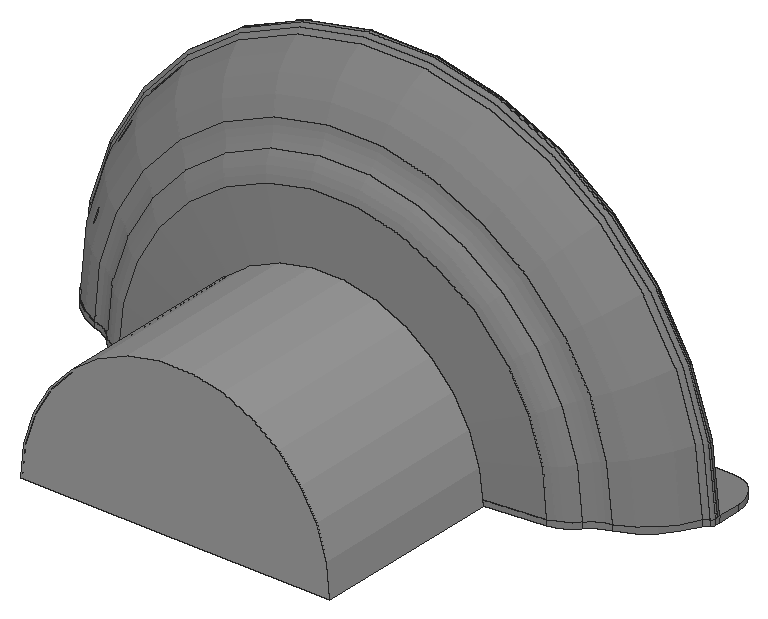
Revit family "Washfountain_3_Staion-Willoughby-WAF-5403-WALL", category Plumbing Fixtures, Revit 2015
Parameters (values of type "Standard")
  water line = Copper
  Waste Connection = no
  Vent Connection = no
  URL = "https://www.willoughby-ind.com/wp-content/uploads/2018/01/WAF-5404.pdf"
  Type Comments = ""
  Solid Surface Sink = Solid Surface Acrylic Resin-Willoughby
  Revision = "A"
  Model = "WAF-5403-WALL"
  Manufacturer = "Willoughby Industries"
  Lav Waste DIA = 1 1/2"
  Lav Waste Connection = yes
  LAV HW DIA = 1/2"
  LAV CW DIA = 1/2"
  HW Connection = yes
  Fixture Body = Stainless Steel AISI 304-Willoughby
  Description = "Wall Mounted 3 Station Washfountain, Wall Mounted"
  Default Elevation = 0' - 0"
  Contact = "(800) 428-4065"
  CW Connection = yes
Reference planes (in)
  plane 1 "Center (Front/Back)Floor HGT": y = 0
  plane 2: z = 0
  plane 3 "Center (Left/Right)": x = 0
  plane 4 "unit body HGT": y = 39
  plane 5: y = 39.5
  plane 6 "Sink HGT": y = 34
  plane 7 "Base HGT": y = 9.5
  plane 8 "Sink Drain": y = 19.5
  plane 9 "Bottom Of Bowl": y = 25.5
  plane 10: x = -6.845
  plane 11: x = 6.845
  plane 12: x = -27
  plane 13: z = 27
  plane 14 "Splash Face": z = 0.5
  plane 15: z = 13.25
  plane 16: x = -13.25
  plane 17: x = 13.25
  plane 18 "Water Supply": y = 18.5
  plane 19 "Hot Supply": x = 4
  plane 20 "Cold Supply": x = 8
  plane 21 "bubbler HGT": y = 35.66
Forms (in)
  Extrusion 1, solid, material "Solid Surface Acrylic Resin-Willoughby" <- "Solid Surface Sink"
    sketch origin (0, 0, 0) x (1, 0, 0) y (0, 1, 0)
      loop
        line (-6.845, 25.5) -> (6.845, 25.5) -> (11.52413, 25.68856)
        arc (11.52413, 25.68856) -> (14.92598, 25.93546) -> (18.30491, 26.40063) r 53.01
        arc (18.30491, 26.40063) -> (19.41375, 26.83168) -> (20.31491, 27.60836) r 3.51
        arc (20.31491, 27.60836) -> (21.16213, 28.2452) -> (22.16491, 28.58836) r 3.38
        arc (22.16491, 28.58836) -> (24.73032, 30.26295) -> (26.40491, 32.82836) r 7.45
        arc (26.40491, 32.82836) -> (26.54572, 33.0411) -> (26.75847, 33.18191) r 0.63983
        arc (26.75847, 33.18191) -> (26.93397, 33.32403) -> (27, 33.54) r 0.38621
        line (27, 33.54) -> (27, 34) -> (27, 36)
        arc (27, 36) -> (26.12132, 38.12132) -> (24, 39) r 3
        line (24, 39) -> (0, 39) -> (-24, 39)
        arc (-24, 39) -> (-26.12132, 38.12132) -> (-27, 36) r 3
        line (-27, 36) -> (-27, 34) -> (-27, 33.54)
        arc (-27, 33.54) -> (-26.93397, 33.32403) -> (-26.75847, 33.18191) r 0.38621
        arc (-26.75847, 33.18191) -> (-26.54572, 33.0411) -> (-26.40491, 32.82836) r 0.63983
        arc (-26.40491, 32.82836) -> (-24.73032, 30.26295) -> (-22.16491, 28.58836) r 7.45
        arc (-22.16491, 28.58836) -> (-21.16213, 28.2452) -> (-20.31491, 27.60836) r 3.38
        arc (-20.31491, 27.60836) -> (-19.41375, 26.83168) -> (-18.30491, 26.40063) r 3.51
        arc (-18.30491, 26.40063) -> (-14.92598, 25.93546) -> (-11.52413, 25.68856) r 53.01
        line (-11.52413, 25.68856) -> (-6.845, 25.5)
    from 0 to 0.5
  Revolve 2, solid, material "Solid Surface Acrylic Resin-Willoughby" <- "Solid Surface Sink"
    sketch origin (0, 0, 0.5) x (1, 0, 0) y (0, 1, 0)
      loop
        line (27, 33.54) -> (27, 33.75)
        arc (27, 33.75) -> (26.92678, 33.92678) -> (26.75, 34) r 0.25
        arc (26.75, 34) -> (26.59277, 33.93487) -> (26.52764, 33.77764) r 0.22236
        arc (26.52764, 33.77764) -> (26.51299, 33.66399) -> (26.43525, 33.57981) r 0.1886
        arc (26.43525, 33.57981) -> (26.14057, 33.33951) -> (25.94132, 33.01566) r 1.13983
        arc (25.94132, 33.01566) -> (24.38046, 30.64844) -> (22.02426, 29.07099) r 7.17314
        arc (22.02426, 29.07099) -> (20.89405, 28.6688) -> (19.94072, 27.94059) r 3.88
        arc (19.94072, 27.94059) -> (19.16738, 27.26699) -> (18.21278, 26.89214) r 3.01
        arc (18.21278, 26.89214) -> (14.86971, 26.4323) -> (11.504, 26.18815) r 52.51
        line (11.504, 26.18815) -> (6.83493, 26) -> (0, 26) -> (0, 25.5) -> (6.845, 25.5) -> (11.52413, 25.68856)
        arc (11.52413, 25.68856) -> (14.92598, 25.93546) -> (18.30491, 26.40063) r 53.01
        arc (18.30491, 26.40063) -> (19.41375, 26.83168) -> (20.31491, 27.60836) r 3.51
        arc (20.31491, 27.60836) -> (21.16213, 28.2452) -> (22.16491, 28.58836) r 3.38
        arc (22.16491, 28.58836) -> (24.71623, 30.27704) -> (26.40491, 32.82836) r 7.67314
        arc (26.40491, 32.82836) -> (26.54572, 33.0411) -> (26.75847, 33.18191) r 0.63983
        arc (26.75847, 33.18191) -> (26.93397, 33.32403) -> (27, 33.54) r 0.38621
      axis (0, 34) -> (0, 25.5)
    angle from 0 to -180
  Extrusion 3, solid, material "Solid Surface Acrylic Resin-Willoughby" <- "Solid Surface Sink", detail levels medium+fine
    sketch origin (0, 39, 0) x (-1, 0, 0) y (0, 0, 1)
      loop
        line (0, 0) -> (6.75, 0) -> (6.75, 1.57) -> (5.04, 7.48)
        arc (5.04, 7.48) -> (4.17688, 8.92892) -> (2.59, 9.5) r 2.5
        line (2.59, 9.5) -> (0, 9.5) -> (-2.59, 9.5)
        arc (-2.59, 9.5) -> (-4.17688, 8.92892) -> (-5.04, 7.48) r 2.5
        line (-5.04, 7.48) -> (-6.75, 1.57) -> (-6.75, 0) -> (0, 0)
    from 0 to 0.5
  Extrusion 4, solid, material "Solid Surface Acrylic Resin-Willoughby" <- "Solid Surface Sink", detail levels medium+fine
    sketch origin (0, 39, 0) x (-1, 0, 0) y (0, 0, 1)
      loop
        line (-6.2697, 1.43103) -> (-6.2697, 0) -> (6.2697, 0) -> (6.2697, 1.43103) -> (4.5597, 7.34103)
        arc (4.5597, 7.34103) -> (3.82653, 8.46933) -> (2.59, 9) r 2.31723
        line (2.59, 9) -> (0, 9) -> (-2.59, 9)
        arc (-2.59, 9) -> (-3.82653, 8.46933) -> (-4.5597, 7.34103) r 2.31723
        line (-4.5597, 7.34103) -> (-6.2697, 1.43103)
    from 0 to -5
  Revolve 5, solid, material "Stainless Steel AISI 304-Willoughby" <- "Fixture Body"
    sketch origin (0, 0, 0) x (1, 0, 0) y (0, 1, 0)
      loop
        line (-13.25, 25.79323) -> (-13.25, 9.5) -> (0, 9.5) -> (0, 9.625) -> (-13.125, 9.625) -> (-13.125, 25.79323) -> (-13.25, 25.79323)
      axis (0, 25.79323) -> (0, 9.5)
    angle from 0 to -180
  Revolve 6, solid, material "Stainless Steel AISI 304-Willoughby" <- "Fixture Body", detail levels medium+fine
    sketch origin (0, 19.5, 0) x (-1, 0, 0) y (0, 0, 1)
      loop
        line (0, 0) -> (0.75, 0) -> (0.75, 3) -> (0, 3) -> (0, 0)
      axis (0, 3) -> (0, 0)
    angle from 0 to 360
  Revolve 7, solid, material "Copper" <- "water line", detail levels medium+fine
    sketch origin (0, 18.5, 0) x (-1, 0, 0) y (0, 0, 1)
      loop
        line (-4, 0) -> (-3.75, 0) -> (-3.75, 3) -> (-4, 3) -> (-4, 0)
      axis (-4, 3) -> (-4, 0)
    angle from 0 to 360
  Revolve 8, solid, material "Copper" <- "water line", detail levels medium+fine
    sketch origin (0, 18.5, 0) x (-1, 0, 0) y (0, 0, 1)
      loop
        line (-8, 0) -> (-7.75, 0) -> (-7.75, 3) -> (-8, 3) -> (-8, 0)
      axis (-8, 3) -> (-8, 0)
    angle from 0 to 360
  Revolve 9, solid, material "Stainless Steel AISI 304-Willoughby" <- "Fixture Body", detail levels fine
    sketch origin (0, 35.66, 0) x (-1, 0, 0) y (0, 0, 1)
      loop
        line (0, 9) -> (0.75, 9) -> (0.75, 9.5)
        arc (0.75, 9.5) -> (0.53033, 10.03033) -> (0, 10.25) r 0.75
        line (0, 10.25) -> (0, 9)
      axis (0, 10.25) -> (0, 9)
    angle from 0 to 360
  Revolve 10, solid, material "Stainless Steel AISI 304-Willoughby" <- "Fixture Body", detail levels fine
    sketch origin (0, 0, 0) x (0, 1, 0) y (0, 0, 1)
      loop
        line (34.91, 9.5) -> (35.26355, 9.85355) -> (34.91, 10.20711) -> (34.55645, 9.85355) -> (34.91, 9.5)
      axis (34.91, 10.20711) -> (35.26355, 9.85355)
    angle from 0 to 360
  Revolve 11, solid, material "Stainless Steel AISI 304-Willoughby" <- "Fixture Body", detail levels fine
    sketch origin (-3.23665, 35.66, 1.90529) x (-0.275637, 0, 0.961262) y (0.961262, 0, 0.275637)
      loop
        line (0, 9) -> (0.75, 9) -> (0.75, 9.5)
        arc (0.75, 9.5) -> (0.53033, 10.03033) -> (0, 10.25) r 0.75
        line (0, 10.25) -> (0, 9)
      axis (0, 10.25) -> (0, 9)
    angle from 0 to 360
  Revolve 12, solid, material "Stainless Steel AISI 304-Willoughby" <- "Fixture Body", detail levels fine
    sketch origin (-3.23665, 0, 1.90529) x (0, 1, 0) y (0.961262, 0, 0.275637)
      loop
        line (34.91, 9.5) -> (35.26355, 9.85355) -> (34.91, 10.20711) -> (34.55645, 9.85355) -> (34.91, 9.5)
      axis (34.91, 10.20711) -> (35.26355, 9.85355)
    angle from 0 to 360
  Revolve 13, solid, material "Stainless Steel AISI 304-Willoughby" <- "Fixture Body", detail levels fine
    sketch origin (3.23665, 35.66, 1.90529) x (0.275637, 0, 0.961262) y (-0.961262, 0, 0.275637)
      loop
        line (0, 9) -> (0.75, 9) -> (0.75, 9.5)
        arc (0.75, 9.5) -> (0.53033, 10.03033) -> (0, 10.25) r 0.75
        line (0, 10.25) -> (0, 9)
      axis (0, 10.25) -> (0, 9)
    angle from 0 to 360
  Revolve 14, solid, material "Stainless Steel AISI 304-Willoughby" <- "Fixture Body", detail levels fine
    sketch origin (3.23665, 0, 1.90529) x (0, 1, 0) y (0.961262, 0, -0.275637)
      loop
        line (34.91, -9.5) -> (34.55645, -9.85355) -> (34.91, -10.20711) -> (35.26355, -9.85355) -> (34.91, -9.5)
      axis (34.91, -10.20711) -> (35.26355, -9.85355)
    angle from 0 to 360
Lines and regions (in)
  symbolic lines
    curve 1: line (-13.25, 25.79323, 0) -> (-13.25, 9.5, 0)
    curve 2: line (-13.25, 9.5, 0) -> (13.25, 9.5, 0)
    curve 3: line (13.25, 9.5, 0) -> (13.25, 25.79323, 0)
    curve 4: arc (13.25, 25.79323, 0) -> (14.81145, 25.92524, 0) -> (16.36623, 26.12076, 0) r 38.45379
    curve 5: arc (16.36623, 26.12076, 0) -> (17.32316, 26.24841, 0) -> (18.27648, 26.40063, 0) r 37.51632
    curve 6: arc (18.27648, 26.40063, 0) -> (19.40672, 26.8171, 0) -> (20.31491, 27.60836, 0) r 3.33054
    curve 7: arc (20.31491, 27.60836, 0) -> (21.16213, 28.2452, 0) -> (22.16491, 28.58836, 0) r 3.38
    curve 8: arc (22.16491, 28.58836, 0) -> (24.71623, 30.27704, 0) -> (26.40491, 32.82836, 0) r 7.67314
    curve 9: arc (26.40491, 32.82836, 0) -> (26.54572, 33.0411, 0) -> (26.75847, 33.18191, 0) r 0.63983
    curve 10: arc (26.75847, 33.18191, 0) -> (26.93397, 33.32403, 0) -> (27, 33.54, 0) r 0.38621
    curve 11: line (27, 33.54, 0) -> (27, 33.75, 0)
    curve 12: arc (27, 33.75, 0) -> (26.92678, 33.92678, 0) -> (26.75, 34, 0) r 0.25
    curve 14: line (-27, 33.75, 0) -> (-27, 33.54, 0)
    curve 15: arc (-27, 33.54, 0) -> (-26.93397, 33.32403, 0) -> (-26.75847, 33.18191, 0) r 0.38621
    curve 16: arc (-26.75847, 33.18191, 0) -> (-26.54572, 33.0411, 0) -> (-26.40491, 32.82836, 0) r 0.63983
    curve 17: arc (-26.40491, 32.82836, 0) -> (-24.71623, 30.27704, 0) -> (-22.16491, 28.58836, 0) r 7.67314
    curve 18: arc (-22.16491, 28.58836, 0) -> (-21.16213, 28.2452, 0) -> (-20.31491, 27.60836, 0) r 3.38
    curve 19: arc (-20.31491, 27.60836, 0) -> (-19.41375, 26.83168, 0) -> (-18.30491, 26.40063, 0) r 3.51
    curve 20: arc (-18.30491, 26.40063, 0) -> (-15.78528, 26.03184, 0) -> (-13.25, 25.79323, 0) r 49.45833
    curve 21: line (-13.25, 25.79323, 0) -> (13.25, 25.79323, 0)
    curve 22: line (-27, 33.75, 0) -> (-27, 36, 0)
    curve 23: arc (-27, 36, 0) -> (-26.12132, 38.12132, 0) -> (-24, 39, 0) r 3
    curve 24: line (-24, 39, 0) -> (24, 39, 0)
    curve 25: arc (24, 39, 0) -> (26.12132, 38.12132, 0) -> (27, 36, 0) r 3
    curve 26: line (27, 36, 0) -> (27, 33.75, 0)
    curve 29: line (6.2697, 39, 0) -> (6.75, 39, 0)
    curve 30: line (6.75, 39.5, 0) -> (-6.75, 39.5, 0)
    curve 31: line (-6.75, 39.5, 0) -> (-6.75, 39, 0)
    curve 36: line (0, 9.5, 0) -> (0, 9.5, 13.25)
    curve 37: line (0, 9.5, 13.25) -> (0, 25.75, 13.25)
    curve 38: arc (0, 25.75, 13.25) -> (0, 26.01168, 16.03491) -> (0, 26.40063, 18.80491) r 61.05831
    curve 39: arc (0, 26.40063, 18.80491) -> (0, 26.81192, 19.92562) -> (0, 27.60836, 20.81491) r 3.17176
    curve 40: arc (0, 27.60836, 20.81491) -> (0, 28.24513, 21.66216) -> (0, 28.58836, 22.66491) r 3.38151
    curve 41: arc (0, 28.58836, 22.66491) -> (0, 30.28272, 25.21633) -> (0, 32.83523, 26.90905) r 7.72708
    curve 42: arc (0, 32.83523, 26.90905) -> (0, 33.01009, 27.01646) -> (0, 33.14079, 27.17468) r 0.6256
    curve 43: arc (0, 33.14079, 27.17468) -> (0, 33.17429, 27.23751) -> (0, 33.20318, 27.30258) r 0.99038
    curve 44: arc (0, 33.20318, 27.30258) -> (0, 33.34154, 27.44497) -> (0, 33.53222, 27.50029) r 0.38807
    curve 45: line (0, 33.53222, 27.50029) -> (0, 33.76887, 27.50029)
    curve 46: arc (0, 33.76887, 27.50029) -> (0, 33.93547, 27.41789) -> (0, 34, 27.24359) r 0.25151
    curve 47: line (0, 34, 27.24359) -> (0, 34, 0.5)
    curve 48: line (0, 34, 0.5) -> (0, 39, 0.5)
    curve 49: line (0, 39, 0.5) -> (0, 39, 0)
    curve 50: line (0, 39, 0) -> (0, 9.5, 0)
    curve 51: line (0, 25.5, 0) -> (0, 25.5, 7.345)
    curve 52: arc (0, 25.5, 7.345) -> (0, 25.60809, 10.29822) -> (0, 25.75, 13.25) r 257.93764
    curve 58: line (27, 35.66, 0) -> (27, 35.66, 0.5)
    curve 60: line (-27, 35.66, 0.5) -> (-27, 35.66, 0)
    curve 61: line (-27, 35.66, 0) -> (27, 35.66, 0)
    curve 62: arc (27, 35.66, 0.5) -> (0, 35.66, 27.5) -> (-27, 35.66, 0.5) r 27
    curve 70: line (6.75, 39.5, 0) -> (6.75, 39, 0)
  symbolic lines, detail levels medium+fine
    curve 13: arc (-26.75, 34, 0) -> (-26.92678, 33.92678, 0) -> (-27, 33.75, 0) r 0.25
    curve 34: line (-26.75, 34, 0) -> (26.75, 34, 0)
    curve 35: arc (26.75, 34, 0) -> (26.92678, 33.92678, 0) -> (27, 33.75, 0) r 0.25
    curve 59: line (27, 35.66, 0.5) -> (-27, 35.66, 0.5)
  symbolic lines, detail levels fine
    curve 27: line (-6.2697, 34, 0) -> (-6.2697, 39, 0)
    curve 28: line (6.2697, 39, 0) -> (6.2697, 34, 0)
    curve 32: line (-2.61165, 34, 0) -> (-2.61165, 39, 0)
    curve 33: line (2.59, 34, 0) -> (2.59, 39, 0)
    curve 53: line (0, 39, 9.5) -> (0, 39.5, 9.5)
    curve 54: line (0, 39.5, 9.5) -> (0, 39.5, 0)
    curve 55: line (0, 39.5, 0) -> (0, 39, 0)
    curve 56: line (0, 39, 9.5) -> (0, 39, 0)
    curve 57: line (0, 34, 9) -> (0, 39, 9)
    curve 63: line (6.75, 35.66, 0.5) -> (6.75, 35.66, 1.57)
    curve 64: line (6.75, 35.66, 1.57) -> (5.04, 35.66, 7.48)
    curve 65: arc (5.04, 35.66, 7.48) -> (4.17688, 35.66, 8.92892) -> (2.59, 35.66, 9.5) r 2.5
    curve 66: line (2.59, 35.66, 9.5) -> (-2.59, 35.66, 9.5)
    curve 67: arc (-2.59, 35.66, 9.5) -> (-4.17768, 35.66, 8.92988) -> (-5.04, 35.66, 7.48) r 2.49577
    curve 68: line (-5.04, 35.66, 7.48) -> (-6.75, 35.66, 1.57)
    curve 69: line (-6.75, 35.66, 1.57) -> (-6.75, 35.66, 0)
Dimensions and locks (in)
  equal spacing: plane 10, plane 3 "Center (Left/Right)", plane 11
  plane 10 to plane 11 = 1' - 1.69"
  plane 12 to plane 3 "Center (Left/Right)" = 2' - 3"
  plane 9 "Bottom Of Bowl" to plane 7 "Base HGT" = 1' - 4"
  plane 1 "Center (Front/Back)Floor HGT" to plane 7 "Base HGT" = 0' - 9 1/2"
  plane 1 "Center (Front/Back)Floor HGT" to plane 9 "Bottom Of Bowl" = 2' - 1 1/2"
  plane 1 "Center (Front/Back)Floor HGT" to plane 6 "Sink HGT" = 2' - 10"
  plane 1 "Center (Front/Back)Floor HGT" to plane 5 = 3' - 3 1/2"  (x2)
  plane 16 to plane 17 = 2' - 2 1/2"
  Extrusion 1 to Extrusion 1 = 4' - 6"
  plane 5 to plane 6 "Sink HGT" = 0' - 5 1/2"
  aligned and locked: Revolve 5 sketch curve to Revolve 5 sketch curve  (x3)
  aligned and locked: Revolve 6 sketch curve to Revolve 6 sketch curve
  aligned and locked: Revolve 7 sketch curve to Revolve 7 sketch curve  (x2)
  aligned and locked: Revolve 8 sketch curve to Revolve 8 sketch curve  (x2)
  aligned and locked: Revolve 10 sketch curve to Revolve 10 sketch curve  (x3)
  aligned and locked: Revolve 12 sketch curve to Revolve 12 sketch curve  (x3)
  aligned and locked: Revolve 14 sketch curve to Revolve 14 sketch curve  (x3)
  aligned and locked: curve 56 to Extrusion 3
  aligned and locked: curve 70 to Extrusion 3
Automatic sketch dimensions
  Extrusion 1 sketch curve to plane 12 = 0' - 0"
  Extrusion 1 sketch curve to plane 4 "unit body HGT" = 0' - 0"
  Extrusion 1 sketch curve to plane 9 "Bottom Of Bowl" = 0' - 0"
  Extrusion 1 sketch curve to plane 10 = 0' - 0"
  Extrusion 1 sketch curve to plane 3 "Center (Left/Right)" = 0' - 0"
  Extrusion 1 sketch curve to plane 11 = 0' - 0"
  Extrusion 1 sketch curve to plane 6 "Sink HGT" = 0' - 0"  (x2)
  Extrusion 1 sketch curve to plane 12 = 0' - 0.00185"
  Extrusion 1 sketch curve to Extrusion 1 sketch curve = 0' - 0.38621"  (x2)
  plane 21 "bubbler HGT" to Extrusion 1 sketch curve = 0' - 0.34"
  Extrusion 1 sketch curve to plane 9 "Bottom Of Bowl" = 0' - 0.24161"  (x2)
  Extrusion 1 sketch curve to plane 12 = 0' - 4.25567"
  Extrusion 1 sketch curve to plane 21 "bubbler HGT" = 0' - 0.12911"  (x2)
  Extrusion 1 sketch curve to Extrusion 1 sketch curve = 0' - 4.53762"  (x2)
  plane 16 to Extrusion 1 sketch curve = 0' - 4.35597"
  plane 9 "Bottom Of Bowl" to Extrusion 1 sketch curve = 0' - 0.18856"  (x2)
  Extrusion 1 sketch curve to plane 16 = 0' - 1.72587"
  plane 10 to Extrusion 1 sketch curve = 0' - 2.54468"
  Extrusion 1 sketch curve to plane 20 "Cold Supply" = 0' - 1.38968"
  plane 17 to Extrusion 1 sketch curve = 0' - 1.72587"
  Extrusion 1 sketch curve to plane 17 = 0' - 4.35597"
  Extrusion 1 sketch curve to Extrusion 1 sketch curve = 0' - 1.85641"
  Extrusion 1 sketch curve to Extrusion 1 sketch curve = 0' - 5.13836"
  Extrusion 1 sketch curve to plane 6 "Sink HGT" = 0' - 0.46"  (x2)
  Extrusion 1 sketch curve to Extrusion 1 sketch curve = 0' - 2.61379"
  Extrusion 1 sketch curve to Extrusion 1 sketch curve = 0' - 0.38436"
  Extrusion 1 sketch curve to plane 6 "Sink HGT" = 0' - 4.15967"  (x2)
  Extrusion 1 sketch curve to Extrusion 1 sketch curve = 0' - 0.95132"
  Extrusion 1 sketch curve to plane 6 "Sink HGT" = 0' - 1.41132"
  plane 5 to Extrusion 1 sketch curve = 3' - 3.15557"
  Extrusion 1 sketch curve to Extrusion 1 sketch curve = 0' - 0"  (x2)
  Extrusion 1 sketch curve to Extrusion 1 sketch curve = 0' - 0.35355"  (x2)
  plane 9 "Bottom Of Bowl" to Extrusion 1 sketch curve = 0' - 3.08836"
  Extrusion 1 sketch curve to Extrusion 1 sketch curve = 0' - 1.85"  (x2)
  plane 9 "Bottom Of Bowl" to Extrusion 1 sketch curve = 0' - 0.90063"
  plane 9 "Bottom Of Bowl" to Extrusion 1 sketch curve = 0' - 2.10836"
  Revolve 2 sketch curve to Revolve 2 sketch curve = 0' - 0"  (x13)
  Revolve 2 sketch curve to plane 3 "Center (Left/Right)" = 0' - 0"  (x2)
  Revolve 2 sketch curve to plane 9 "Bottom Of Bowl" = 0' - 0"  (x2)
  Revolve 2 sketch curve to plane 11 = 0' - 0"
  Revolve 2 sketch curve to plane 6 "Sink HGT" = 0' - 0"  (x2)
  plane 11 to Revolve 2 sketch curve = 0' - 0.01007"
  Revolve 2 sketch curve to plane 20 "Cold Supply" = 0' - 1.38968"
  plane 9 "Bottom Of Bowl" to Revolve 2 sketch curve = 0' - 0.68815"
  plane 17 to Revolve 2 sketch curve = 0' - 1.746"
  plane 9 "Bottom Of Bowl" to Revolve 2 sketch curve = 0' - 0.18856"
  Revolve 2 sketch curve to Revolve 2 sketch curve = 0' - 0.02013"
  Revolve 2 sketch curve to plane 17 = 0' - 4.35597"
  plane 21 "bubbler HGT" to Revolve 2 sketch curve = 0' - 0.04277"
  Revolve 2 sketch curve to plane 17 = 0' - 6.04051"
  Revolve 2 sketch curve to plane 9 "Bottom Of Bowl" = 0' - 0.24161"
  Revolve 2 sketch curve to Revolve 2 sketch curve = 0' - 5.13836"
  Revolve 2 sketch curve to plane 6 "Sink HGT" = 0' - 0.2562"
  Revolve 2 sketch curve to Revolve 2 sketch curve = 0' - 7.0516"
  Revolve 2 sketch curve to Revolve 2 sketch curve = 0' - 0.27168"
  Revolve 2 sketch curve to Revolve 2 sketch curve = 0' - 0.13621"
  Revolve 2 sketch curve to Revolve 2 sketch curve = 0' - 0.38436"
  Revolve 2 sketch curve to Revolve 2 sketch curve = 0' - 0 1/4"
  plane 9 "Bottom Of Bowl" to Revolve 2 sketch curve = 0' - 0 1/2"
  Revolve 2 sketch curve to plane 6 "Sink HGT" = 0' - 4.15967"
  Revolve 2 sketch curve to Revolve 2 sketch curve = 0' - 1.16132"
  Revolve 2 sketch curve to Revolve 2 sketch curve = 0' - 0.21"
  Revolve 2 sketch curve to Revolve 2 sketch curve = 0' - 0.02764"
  plane 5 to Revolve 2 sketch curve = 3' - 3.15557"
  plane 9 "Bottom Of Bowl" to Revolve 2 sketch curve = 0' - 1.39214"
  Revolve 2 sketch curve to Revolve 2 sketch curve = 0' - 0.09213"
  Revolve 2 sketch curve to Revolve 2 sketch curve = 0' - 1.72794"
  Revolve 2 sketch curve to Revolve 2 sketch curve = 0' - 0.37419"
  Revolve 2 sketch curve to Revolve 2 sketch curve = 0' - 1.70935"
  Revolve 2 sketch curve to Revolve 2 sketch curve = 0' - 0.14065"
  Extrusion 3 sketch curve to level = 0' - 0"
  Extrusion 3 sketch curve to plane 3 "Center (Left/Right)" = 0' - 0"  (x2)
  plane 19 "Hot Supply" to Extrusion 3 sketch curve = 0' - 1.41349"
  plane 19 "Hot Supply" to Extrusion 3 sketch curve = 0' - 1.41"
  Extrusion 3 sketch curve to plane 19 "Hot Supply" = 0' - 1.04"
  plane 11 to Extrusion 3 sketch curve = 0' - 0.095"
  Extrusion 3 sketch curve to plane 3 "Center (Left/Right)" = 0' - 2.58651"
  Extrusion 3 sketch curve to Extrusion 3 sketch curve = 0' - 0.00349"
  Extrusion 3 sketch curve to plane 10 = 0' - 1.805"
  Extrusion 3 sketch curve to plane 10 = 0' - 0.095"
  plane 14 "Splash Face" to Extrusion 3 sketch curve = 0' - 1.07"  (x2)
  Extrusion 3 sketch curve to plane 15 = 0' - 6 1/4"
  Extrusion 3 sketch curve to Extrusion 3 sketch curve = 0' - 0"
  Extrusion 3 sketch curve to Extrusion 3 sketch curve = 0' - 0.48"
  Extrusion 4 sketch curve to level = 0' - 0"
  Extrusion 4 sketch curve to plane 3 "Center (Left/Right)" = 0' - 0"
  plane 19 "Hot Supply" to Extrusion 4 sketch curve = 0' - 1.66623"
  plane 19 "Hot Supply" to Extrusion 4 sketch curve = 0' - 1.41"
  Extrusion 4 sketch curve to plane 19 "Hot Supply" = 0' - 0.5597"
  plane 11 to Extrusion 4 sketch curve = 0' - 0.5753"
  Extrusion 4 sketch curve to plane 3 "Center (Left/Right)" = 0' - 2.33377"
  Extrusion 4 sketch curve to Extrusion 4 sketch curve = 0' - 0.25623"
  Extrusion 4 sketch curve to plane 10 = 0' - 2.2853"
  Extrusion 4 sketch curve to plane 10 = 0' - 0.5753"
  plane 14 "Splash Face" to Extrusion 4 sketch curve = 0' - 0.93103"  (x2)
  plane 14 "Splash Face" to Extrusion 4 sketch curve = 0' - 6.19698"
  Extrusion 4 sketch curve to Extrusion 4 sketch curve = 0' - 0"
  Extrusion 4 sketch curve to Extrusion 4 sketch curve = 0' - 0.64405"
  Revolve 5 sketch curve to plane 16 = 0' - 0"
  Revolve 5 sketch curve to plane 3 "Center (Left/Right)" = 0' - 0"
  Revolve 5 sketch curve to plane 7 "Base HGT" = 0' - 0"
  Revolve 5 sketch curve to plane 16 = 0' - 0 1/8"
  plane 7 "Base HGT" to Revolve 5 sketch curve = 0' - 0 1/8"
  plane 9 "Bottom Of Bowl" to Revolve 5 sketch curve = 0' - 0.29323"
  Revolve 6 sketch curve to level = 0' - 0"  (x2)
  Revolve 6 sketch curve to plane 3 "Center (Left/Right)" = 0' - 0"
  Revolve 6 sketch curve to Revolve 6 sketch curve = 0' - 0 3/4"
  plane 14 "Splash Face" to Revolve 6 sketch curve = 0' - 2 1/2"
  Revolve 6 sketch curve to Revolve 6 sketch curve = 0' - 0"
  Revolve 7 sketch curve to level = 0' - 0"  (x2)
  plane 19 "Hot Supply" to Revolve 7 sketch curve = 0' - 0"
  plane 19 "Hot Supply" to Revolve 7 sketch curve = 0' - 0 1/4"
  plane 14 "Splash Face" to Revolve 7 sketch curve = 0' - 2 1/2"
  Revolve 8 sketch curve to level = 0' - 0"  (x2)
  plane 20 "Cold Supply" to Revolve 8 sketch curve = 0' - 0"
  plane 20 "Cold Supply" to Revolve 8 sketch curve = 0' - 0 1/4"
  plane 14 "Splash Face" to Revolve 8 sketch curve = 0' - 2 1/2"
  Revolve 9 sketch curve to plane 3 "Center (Left/Right)" = 0' - 0"  (x2)
  Revolve 9 sketch curve to Revolve 9 sketch curve = 0' - 0 3/4"
  Revolve 9 sketch curve to plane 15 = 0' - 4 1/4"
  Revolve 9 sketch curve to Revolve 9 sketch curve = 0' - 0 1/2"
  Revolve 9 sketch curve to Revolve 9 sketch curve = 0' - 0"  (x2)
  plane 6 "Sink HGT" to Revolve 10 sketch curve = 0' - 0.55645"
  Revolve 10 sketch curve to Revolve 10 sketch curve = 0' - 0.35355"  (x3)
  Revolve 10 sketch curve to plane 15 = 0' - 3 3/4"
  Revolve 11 sketch curve to plane 19 "Hot Supply" = 0' - 1.4147"
  plane 14 "Splash Face" to Revolve 11 sketch curve = 0' - 3.88603"
  Revolve 11 sketch curve to Revolve 11 sketch curve = 0' - 0 3/4"
  Revolve 11 sketch curve to Revolve 11 sketch curve = 0' - 0 1/2"
  Revolve 11 sketch curve to Revolve 11 sketch curve = 0' - 0"  (x3)
  plane 6 "Sink HGT" to Revolve 12 sketch curve = 0' - 0.55645"
  Revolve 12 sketch curve to Revolve 12 sketch curve = 0' - 0.35355"  (x3)
  plane 10 to Revolve 13 sketch curve = 0' - 1.4303"
  Revolve 13 sketch curve to plane 14 "Splash Face" = 0' - 3.88603"
  Revolve 13 sketch curve to Revolve 13 sketch curve = 0' - 0 3/4"
  Revolve 13 sketch curve to Revolve 13 sketch curve = 0' - 0 1/2"
  Revolve 13 sketch curve to Revolve 13 sketch curve = 0' - 0"  (x3)
  plane 6 "Sink HGT" to Revolve 14 sketch curve = 0' - 0.55645"
  Revolve 14 sketch curve to Revolve 14 sketch curve = 0' - 0.35355"  (x3)
  curve 36 to level = 0' - 0"
  curve 36 to plane 7 "Base HGT" = 0' - 0"
  curve 51 to plane 9 "Bottom Of Bowl" = 0' - 0"
  curve 38 to plane 15 = 0' - 0"
  curve 57 to plane 6 "Sink HGT" = 0' - 0"
  curve 54 to plane 5 = 0' - 0"
  curve 48 to plane 14 "Splash Face" = 0' - 0"
  curve 40 to plane 9 "Bottom Of Bowl" = 0' - 0.24301"
  curve 52 to curve 37 = 0' - 0 1/4"
  plane 9 "Bottom Of Bowl" to curve 39 = 0' - 4.03065"
  plane 13 to curve 43 = 0' - 0.67166"
  curve 43 to plane 6 "Sink HGT" = 0' - 1.71586"
  curve 43 to curve 42 = 0' - 0.31552"
  curve 45 to plane 6 "Sink HGT" = 0' - 0.46778"
  plane 13 to curve 44 = 0' - 0.11233"
  curve 45 to curve 44 = 0' - 0.00919"
  curve 44 to curve 46 = 0' - 0.20715"
  curve 45 to plane 6 "Sink HGT" = 0' - 0.23113"
  plane 21 "bubbler HGT" to curve 41 = 0' - 0.08484"
  curve 38 to plane 15 = 0' - 4.3181"
  plane 5 to curve 38 = 3' - 11.15542"
  curve 52 to level = 0' - 0.61232"
  curve 38 to curve 52 = 16' - 4.65944"
  curve 54 to plane 15 = 0' - 3 3/4"
  plane 15 to curve 39 = 0' - 5.04205"
  curve 39 to curve 41 = 0' - 1.45866"
  curve 40 to plane 13 = 0' - 3.75493"
  plane 13 to curve 47 = 0' - 0.24359"
  curve 44 to curve 46 = 0' - 0.13728"
  curve 42 to curve 43 = 0' - 0.18305"
  curve 39 to curve 38 = 0' - 0"
  plane 9 "Bottom Of Bowl" to curve 40 = 0' - 2.10836"
  curve 40 to curve 41 = 0' - 0.98"
  curve 42 to curve 41 = 0' - 0"
  curve 43 to curve 42 = 0' - 0"
  curve 57 to plane 15 = 0' - 4 1/4"
  curve 58 to plane 14 "Splash Face" = 0' - 0"
  curve 61 to level = 0' - 0"
  curve 62 to plane 3 "Center (Left/Right)" = 0' - 0"
  plane 19 "Hot Supply" to curve 65 = 0' - 1.41349"
  plane 19 "Hot Supply" to curve 66 = 0' - 1.41"
  curve 64 to plane 19 "Hot Supply" = 0' - 1.04"
  plane 11 to curve 64 = 0' - 0.095"
  curve 58 to plane 17 = 1' - 1 3/4"
  curve 66 to plane 3 "Center (Left/Right)" = 0' - 2.59"
  curve 68 to plane 10 = 0' - 1.805"
  plane 14 "Splash Face" to curve 63 = 0' - 1.07"
  curve 65 to plane 15 = 0' - 6 1/4"
  curve 65 to curve 67 = 0' - 0.00423"
  curve 65 to curve 64 = 0' - 0.48"
  curve 69 to plane 10 = 0' - 0.095"
  plane 14 "Splash Face" to curve 69 = 0' - 1.07"
  curve 13 to plane 6 "Sink HGT" = 0' - 0"
  curve 23 to plane 4 "unit body HGT" = 0' - 0"
  curve 21 to plane 16 = 0' - 0"
  curve 29 to plane 4 "unit body HGT" = 0' - 0"
  curve 70 to plane 5 = 0' - 0"
  curve 2 to plane 7 "Base HGT" = 0' - 0"
  curve 2 to plane 17 = 0' - 0"
  plane 16 to curve 19 = 0' - 4.35597"
  plane 21 "bubbler HGT" to curve 17 = 0' - 0.04277"
  plane 16 to curve 17 = 0' - 6.04051"
  curve 18 to plane 9 "Bottom Of Bowl" = 0' - 0.24161"
  curve 18 to curve 19 = 0' - 5.13836"
  plane 21 "bubbler HGT" to curve 23 = 0' - 0.34"
  curve 23 to curve 17 = 0' - 4.70949"
  curve 15 to curve 15 = 0' - 0.38621"
  curve 13 to curve 34 = 0' - 0 1/4"
  curve 15 to curve 16 = 0' - 0.00185"
  plane 10 to curve 20 = 0' - 3.03983"
  curve 30 to plane 10 = 0' - 0.095"
  plane 17 to curve 4 = 0' - 2.45806"
  curve 4 to curve 5 = 0' - 1.09282"
  curve 6 to plane 17 = 0' - 4.45905"
  plane 21 "bubbler HGT" to curve 8 = 0' - 0.04277"
  curve 8 to plane 17 = 0' - 6.04051"
  curve 7 to plane 9 "Bottom Of Bowl" = 0' - 0.24161"
  curve 6 to curve 7 = 0' - 5.03528"
  curve 8 to curve 24 = 0' - 4.70949"
  curve 10 to plane 6 "Sink HGT" = 0' - 0.46"
  curve 25 to curve 10 = 0' - 2.61379"
  curve 10 to curve 34 = 0' - 0.13621"
  curve 10 to curve 9 = 0' - 0.38436"
  curve 35 to curve 11 = 0' - 0 1/4"
  plane 9 "Bottom Of Bowl" to curve 21 = 0' - 0.29323"
  plane 9 "Bottom Of Bowl" to curve 6 = 0' - 4.18248"
  curve 19 to plane 6 "Sink HGT" = 0' - 4.15967"
  curve 9 to curve 10 = 0' - 0.95132"
  curve 16 to curve 13 = 0' - 1.16132"
  curve 15 to curve 13 = 0' - 0.21"
  plane 5 to curve 5 = 1' - 11.86845"
  curve 5 to curve 4 = 0' - 0.79992"
  curve 4 to curve 20 = 0' - 10.96857"
  plane 9 "Bottom Of Bowl" to curve 20 = 0' - 0.90063"
  plane 9 "Bottom Of Bowl" to curve 18 = 0' - 2.10836"
  curve 17 to curve 19 = 0' - 1.85"
  curve 16 to curve 17 = 0' - 0"
  curve 27 to plane 10 = 0' - 0.5753"
  curve 32 to plane 3 "Center (Left/Right)" = 0' - 2.61165"
  plane 19 "Hot Supply" to curve 33 = 0' - 1.41"
  plane 11 to curve 28 = 0' - 0.5753"
  plane 9 "Bottom Of Bowl" to curve 4 = 0' - 0.62076"
  curve 6 to curve 5 = 0' - 0"
  plane 9 "Bottom Of Bowl" to curve 6 = 0' - 2.10836"
  curve 6 to curve 7 = 0' - 1.85"
  curve 9 to curve 8 = 0' - 0"
Connectors (in)
  piping at (4, 18.5, 0), diameter 0.5, driven by "LAV HW DIA", driven by "HW Connection"
    settings: on Revolve 7, index 2, connector inside diameter 24", connector length 0' - 0", flow factor 0, pipe flow 0 GPM, pressure drop 0.00 psi, fitting loss kfactor 0, connector angle 0.00°, fixture units 0, engagement length 0' - 0", angle of deflection 0.00°, flow configuration 0, flow direction 1, fitting loss method 0, system type 19, joint type 0, gender type 0, connector reference index -1, connector utility 1, adjustable connector no, is connector primary yes, connector description "Hot Water Inlet"
  piping at (8, 18.5, 0), diameter 0.5, driven by "LAV CW DIA", driven by "CW Connection"
    settings: on Revolve 8, index 3, connector inside diameter 24", connector length 0' - 0", flow factor 0, pipe flow 0 GPM, pressure drop 0.00 psi, fitting loss kfactor 0, connector angle 0.00°, fixture units 0, engagement length 0' - 0", angle of deflection 0.00°, flow configuration 0, flow direction 1, fitting loss method 0, system type 20, joint type 0, gender type 0, connector reference index -1, connector utility 1, adjustable connector no, is connector primary no, connector description "Cold Waster inlet"
  piping at (0, 19.5, 0), diameter 1.5, driven by "Lav Waste DIA", driven by "Lav Waste Connection"
    settings: on Revolve 6, index 4, connector inside diameter 24", connector length 0' - 0", flow factor 0, pipe flow 0 GPM, pressure drop 0.00 psi, fitting loss kfactor 0, connector angle 0.00°, fixture units 0, engagement length 0' - 0", angle of deflection 0.00°, flow configuration 0, flow direction 2, fitting loss method 0, system type 16, joint type 0, gender type 0, connector reference index -1, connector utility 1, adjustable connector no, is connector primary no, connector description "Sink Waste"
